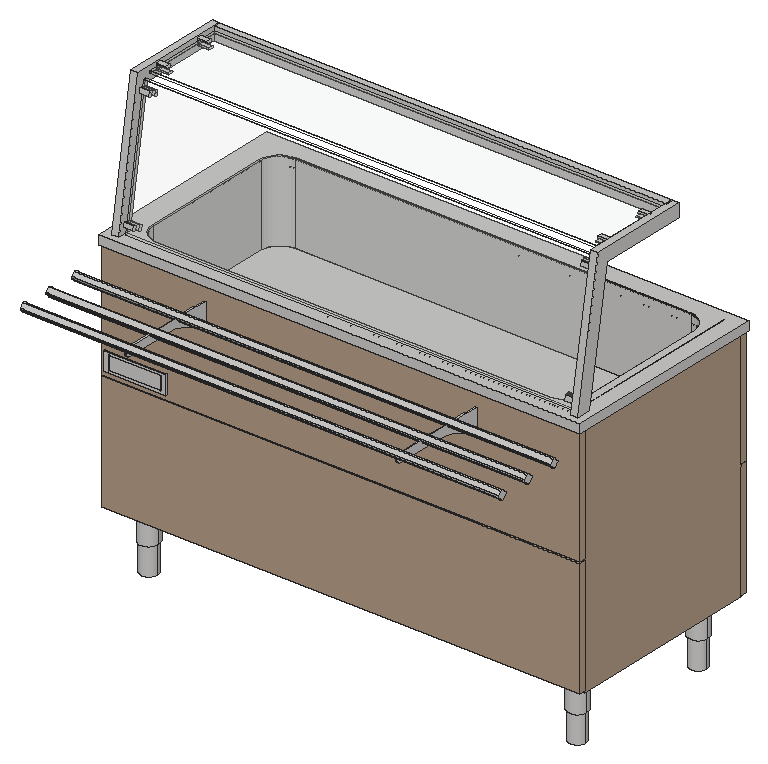
Revit family "QF_ELECTROLUXPROFESSIONAL_322092_F10C4AF01W", category Specialty Equipment, Revit 2018
Family settings
  Round Connector Dimension = Use Diameter
  Part Type = Normal
  Work Plane-Based = No
  Always vertical = Yes
  Cut with Voids When Loaded = No
  Shared = No
  Room Calculation Point = No
Parameters (values of type "Standard")
  Weight = 156.50 kg
  Watts = 0 W
  Volts = 220 V
  URL Manufacturer = "http://professional.electrolux.com"
  URL = "http://professional.electrolux.com"
  Steam Supply Size = 0 mm
  Steam Supply Minimum Pressure = 0.0 Pa
  Steam Supply Maximum Pressure = 0.0 Pa
  Steam Pounds per Hour = 0
  Show Clearance [instance] = yes
  Refrigeration Suction Line Size = 0 mm
  Refrigeration Liquid Line Size = 0 mm
  Refrigerant Compressor Remote = yes
  Manufacturer = "Electrolux Professional"
  Phase = 1
  Model = "F10C4AF01W"
  Length Actual = 1420 mm  # constant formula
  Item Number = "322092"
  Hot Water Size = 0 mm
  Height Actual = 1304 mm  # constant formula
  HP = "0 HP"
  Gas Size = 0 mm
  Gas KW = 0
  Gas Input Pressure = 0 W
  Direct Waste Size = 19.05 mm
  Description = "REFRIGERATED WELL, STATIC, 4GN H=900MM OVERSHELF W/LED LIGHTS"
  Depth Actual = 915 mm  # constant formula
  Cycle = 50 Hz
  Condensate Return Size = 0 mm
  Compressed Air Volume = 0.0 L/s
  Compressed Air Size = 0 mm
  Compressed Air Pressure = 0.0 Pa
  Cold Water Size = 0 mm
  Accessory = yes
Types (2, lengths in mm): name | URL | Manufacturer | Phase | Model | Description
  (no name) | 0 | 0 | 0 | 0 | 0
  Standard | "http://professional.electrolux.com" | "Electrolux Professional" | 1 | "F10C4AF01W" | "REFRIGERATED WELL, STATIC, 4GN H=900MM OVERSHELF W/LED LIGHTS"
Values of the unnamed type that differ from the named types
  Volts = 0 V
  URL Manufacturer = ""
  Item Number = ""
  Cycle = 0 Hz
Reference planes
  plane 1 "Centro (Fronte/Retro)": y = 74.737
  plane 2: z = 0
  plane 3 "BACK": y = 384.737
  plane 4 "FRONT": y = -235.263
  plane 5: z = 900
  plane 6 "RIGHT": x = 195.731
  plane 7 "LEFT": x = -1224.269
  plane 8: x = -514.269
  plane 9: y = 664.737
  plane 10: y = -530.02
  plane 11: z = 178
  plane 12: z = 1304
  plane 13: z = 1222
  plane 14: y = 297.737
  plane 15: y = -148.263
  plane 16: x = -1146.269
  plane 17: x = 117.731
  plane 18: x = -1220.269
  plane 19: y = -231.263
  plane 20: x = 191.731
  plane 21: y = 380.737
  plane 22: z = 874
  plane 23: y = 362.737
  plane 24: y = -213.263
  plane 25: z = 182
  plane 26: z = 527
  plane 27: z = 531
  plane 28: x = -112.269
  plane 29: x = -916.269
  plane 30: x = -1202.269
  plane 31: x = 173.731
  plane 32: x = 153.731
  plane 33: x = -1182.269
  plane 34: x = -1174.269
  plane 35: x = 145.731
  plane 36: y = 130.237
  plane 37: y = 19.237
  plane 38: y = 33.237
  plane 39: y = 116.237
  plane 40: x = -1112.269
  plane 41: x = 90.731
Forms (mm)
  Extrusion 1, solid, material "QF_Finishes_Wood"
    sketch origin (0, 0, 0) x (1, 0, 0) y (0, 1, 0)
      loop
        line (-1220.269, 362.737) -> (-1220.269, -213.263) -> (191.731, -213.263) -> (191.731, 362.737) -> (-1220.269, 362.737)
    from 178 to 874
  Extrusion 2, solid, material "QF_Finishes_Wood"
    sketch origin (191.731, 362.737, 0) x (0, -1, 0) y (0, 0, -1)
      loop
        line (576, -182) -> (576, -527) -> (594, -527) -> (594, -182) -> (576, -182)
      loop
        line (576, -531) -> (576, -874) -> (594, -874) -> (594, -531) -> (576, -531)
    from 0 to -1412
  Extrusion 3, solid, material "QF_Finishes_Wood"
    sketch origin (191.731, -213.263, 0) x (0, 1, 0) y (0, 0, 1)
      loop
        line (576, 531) -> (594, 531) -> (594, 874) -> (576, 874) -> (576, 531)
    from 0 to -1412
  Extrusion 4, solid, material "QF_Finishes_Stainless Steel"
    sketch origin (0, 0, 0) x (1, 0, 0) y (0, 1, 0)
      loop
        line (-1224.269, 384.737) -> (-1224.269, -235.263) -> (195.731, -235.263) -> (195.731, 384.737) -> (-1224.269, 384.737)
    from 874 to 900
  Extrusion 5, solid, material "QF_Finishes_Stainless Steel"
    sketch origin (-117.269, 362.737, 0) x (0, -1, 0) y (0, 0, -1)
      loop
        arc (628.84, -832.7) -> (632.082, -833.911) -> (635.519, -834.32) r 14.5
        line (635.519, -834.32) -> (675.715, -834.32) -> (689.858, -820.177) -> (704, -834.32) -> (770.715, -834.32) -> (784.858, -820.177) -> (799, -834.32) -> (865.716, -834.32) -> (879.858, -820.177) -> (887.686, -828.005) -> (887.686, -821.352)
        arc (887.686, -821.352) -> (887.303, -819.435) -> (886.214, -817.81) r 4.999
        line (886.214, -817.81) -> (881.179, -812.776)
        arc (881.179, -812.776) -> (879.559, -811.698) -> (877.651, -811.32) r 5
        line (877.651, -811.32) -> (732.206, -811.32)
        arc (732.206, -811.32) -> (708.662, -809.221) -> (685.86, -802.991) r 133.106
        line (685.86, -802.991) -> (638.285, -785.32) -> (597.679, -770.12) -> (594, -770.12) -> (594, -832.7) -> (628.84, -832.7)
    from 0 to 5
  Extrusion 6, void
    sketch origin (0, 0, 0) x (1, 0, 0) y (0, 1, 0)
      loop
        line (-1156.552, 270.237) -> (-1156.552, -120.763)
        arc (-1156.552, -120.763) -> (-1138.652, -163.896) -> (-1095.519, -181.763) r 61
        line (-1095.519, -181.763) -> (67.355, -181.472)
        arc (67.355, -181.472) -> (110.441, -163.852) -> (128.319, -120.873) r 60.6
        line (128.319, -120.873) -> (128.319, 270.182)
        arc (128.319, 270.182) -> (111.15, 312.672) -> (69.282, 331.306) r 61.161
        line (69.282, 331.306) -> (-1095.519, 331.237)
        arc (-1095.519, 331.237) -> (-1138.652, 313.371) -> (-1156.552, 270.237) r 61
    from 625.28 to 900
  Extrusion 7, solid, material "QF_Finishes_Wood"
    sketch origin (419.731, -213.263, -348) x (0, 1, 0) y (0, 0, 1)
      loop
        line (576, 530) -> (594, 530) -> (594, 875) -> (576, 875) -> (576, 530)
    from -228 to -383
  Extrusion 8, solid, material "QF_Finishes_Wood"
    sketch origin (-234.269, -213.263, -348) x (0, 1, 0) y (0, 0, 1)
      loop
        line (576, 530) -> (594, 530) -> (594, 875) -> (576, 875) -> (576, 530)
    from -831.045 to -986
  Extrusion 9, solid, material "QF_Finishes_Stainless Steel"
    sketch origin (-916.269, 362.737, 0) x (0, -1, 0) y (0, 0, -1)
      loop
        arc (628.84, -832.7) -> (632.082, -833.911) -> (635.519, -834.32) r 14.5
        line (635.519, -834.32) -> (675.715, -834.32) -> (689.858, -820.177) -> (704, -834.32) -> (770.715, -834.32) -> (784.858, -820.177) -> (799, -834.32) -> (865.716, -834.32) -> (879.858, -820.177) -> (887.686, -828.005) -> (887.686, -821.352)
        arc (887.686, -821.352) -> (887.303, -819.435) -> (886.214, -817.81) r 4.999
        line (886.214, -817.81) -> (881.179, -812.776)
        arc (881.179, -812.776) -> (879.559, -811.698) -> (877.651, -811.32) r 5
        line (877.651, -811.32) -> (732.206, -811.32)
        arc (732.206, -811.32) -> (708.662, -809.221) -> (685.86, -802.991) r 133.106
        line (685.86, -802.991) -> (638.285, -785.32) -> (597.679, -770.12) -> (594, -770.12) -> (594, -832.7) -> (628.84, -832.7)
    from 0 to 5
  Extrusion 10, solid, material "QF_Finishes_Stainless Steel"
    sketch origin (191.731, 362.737, 0) x (0, -1, 0) y (0, 0, -1)
      loop
        line (881.983, -846.337) -> (891.875, -836.445)
        arc (891.875, -836.445) -> (892.757, -834.322) -> (891.879, -832.198) r 3
        line (891.879, -832.198) -> (881.979, -822.299)
        arc (881.979, -822.299) -> (879.858, -821.42) -> (877.737, -822.299) r 3
        line (877.737, -822.299) -> (867.837, -832.198)
        arc (867.837, -832.198) -> (866.958, -834.32) -> (867.837, -836.441) r 3
        line (867.837, -836.441) -> (877.737, -846.34)
        arc (877.737, -846.34) -> (879.86, -847.219) -> (881.983, -846.337) r 3
      loop
        line (786.979, -846.34) -> (796.879, -836.441)
        arc (796.879, -836.441) -> (797.757, -834.32) -> (796.879, -832.198) r 3
        line (796.879, -832.198) -> (786.979, -822.299)
        arc (786.979, -822.299) -> (784.858, -821.42) -> (782.737, -822.299) r 3
        line (782.737, -822.299) -> (772.837, -832.198)
        arc (772.837, -832.198) -> (771.958, -834.317) -> (772.833, -836.437) r 3
        line (772.833, -836.437) -> (782.741, -846.345)
        arc (782.741, -846.345) -> (784.861, -847.219) -> (786.979, -846.34) r 3
      loop
        line (691.976, -846.343) -> (701.882, -836.438)
        arc (701.882, -836.438) -> (702.757, -834.318) -> (701.879, -832.198) r 3
        line (701.879, -832.198) -> (691.979, -822.299)
        arc (691.979, -822.299) -> (689.858, -821.42) -> (687.737, -822.299) r 3
        line (687.737, -822.299) -> (677.837, -832.198)
        arc (677.837, -832.198) -> (676.958, -834.32) -> (677.837, -836.441) r 3
        line (677.837, -836.441) -> (687.737, -846.34)
        arc (687.737, -846.34) -> (689.856, -847.219) -> (691.976, -846.343) r 3
    from 0 to -1412
  Extrusion 11, solid, material "QF_Finishes_Stainless Steel"
    sketch origin (191.731, 362.737, 0) x (0, -1, 0) y (0, 0, -1)
      loop
        line (206.477, -1264.379) -> (206.477, -1304) -> (507.108, -1304) -> (578.344, -900) -> (537.727, -900) -> (473.477, -1264.379) -> (206.477, -1264.379)
    from -18 to -38
  Extrusion 12, solid, material "QF_Finishes_Stainless Steel"
    sketch origin (-895.269, 362.737, 0) x (0, -1, 0) y (0, 0, 1)
      loop
        line (206.477, 1264.379) -> (473.477, 1264.379) -> (537.727, 900) -> (578.344, 900) -> (507.108, 1304) -> (206.477, 1304) -> (206.477, 1264.379)
    from 307 to 287
  Extrusion 13, solid, material "QF_Finishes_Glass"
    sketch origin (-133.269, -231.263, 531) x (0, 0, 1) y (-1, 0, 0)
      loop
        line (757.879, -279) -> (765.879, -279) -> (765.879, 1041) -> (757.879, 1041) -> (757.879, -279)
    from -361.5 to -120.204
  Extrusion 14, solid, material "QF_Finishes_Stainless Steel"
    sketch origin (0, 0, 0) x (1, 0, 0) y (0, 1, 0)
      loop
        line (-1182.269, 156.26) -> (-1182.269, 136.26) -> (153.731, 136.26) -> (153.731, 156.26) -> (-1182.269, 156.26)
    from 1264.379 to 1304
  Extrusion 15, solid, material "QF_Finishes_Glass"
    sketch origin (-133.269, 362.737, 0) x (0, -1, 0) y (0, 0, -1)
      loop
        line (494.569, -1282.974) -> (562.097, -900) -> (553.974, -900) -> (486.445, -1282.974) -> (494.569, -1282.974)
    from 279 to -1041
  Extrusion 16, solid, material "QF_Finishes_Wood"
    sketch origin (314.688, -213.263, -348) x (0, 1, 0) y (0, 0, 1)
      loop
        line (576, 530) -> (594, 530) -> (594, 875) -> (576, 875) -> (576, 530)
    from -277.956 to -828.956
  Extrusion 17, solid, material "QF_Finishes_Stainless Steel"
    sketch origin (-308.144, -64.263, 531) x (0, 0, 1) y (-1, 0, 0)
      loop
        line (765.879, 841.5) -> (770.879, 843.5) -> (770.879, 874.125) -> (750.879, 874.125) -> (750.879, 866) -> (751.974, 866) -> (751.974, 835.938) -> (755.879, 837.5) -> (755.879, 867) -> (765.879, 867) -> (765.879, 841.5)
    from 0 to 14
  Extrusion 18, solid, material "QF_Finishes_Stainless Steel"
    sketch origin (-308.144, 85.737, 531) x (0, 0, 1) y (-1, 0, 0)
      loop
        line (765.879, 841.5) -> (770.879, 843.5) -> (770.879, 874.125) -> (750.879, 874.125) -> (750.879, 866) -> (751.974, 866) -> (751.974, 835.938) -> (755.879, 837.5) -> (755.879, 867) -> (765.879, 867) -> (765.879, 841.5)
    from 0 to 14
  Extrusion 19, solid, material "QF_Finishes_Stainless Steel"
    sketch origin (-720.394, -64.263, 531) x (0, 0, 1) y (-1, 0, 0)
      loop
        line (765.879, -841.5) -> (765.879, -867) -> (755.879, -867) -> (755.879, -837.5) -> (751.974, -835.938) -> (751.974, -866) -> (750.879, -866) -> (750.879, -874.125) -> (770.879, -874.125) -> (770.879, -843.5) -> (765.879, -841.5)
    from 0 to 14
  Extrusion 20, solid, material "QF_Finishes_Stainless Steel"
    sketch origin (-720.394, 85.737, 531) x (0, 0, 1) y (-1, 0, 0)
      loop
        line (765.879, -841.5) -> (765.879, -867) -> (755.879, -867) -> (755.879, -837.5) -> (751.974, -835.938) -> (751.974, -866) -> (750.879, -866) -> (750.879, -874.125) -> (770.879, -874.125) -> (770.879, -843.5) -> (765.879, -841.5)
    from 0 to 14
  Extrusion 21, solid, material "QF_Finishes_Stainless Steel"
    sketch origin (-720.394, 619.458, 1129.907) x (0, -0.984808, 0.173648) y (-1, 0, 0)
      loop
        line (765.879, -841.5) -> (765.879, -867) -> (755.879, -867) -> (755.879, -837.5) -> (751.974, -835.938) -> (751.974, -866) -> (750.879, -866) -> (750.879, -874.125) -> (770.879, -874.125) -> (770.879, -843.5) -> (765.879, -841.5)
    from 0 to 14
  Extrusion 22, solid, material "QF_Finishes_Stainless Steel"
    sketch origin (-308.144, 619.458, 1129.907) x (0, -0.984808, 0.173648) y (-1, 0, 0)
      loop
        line (765.879, 841.5) -> (770.879, 843.5) -> (770.879, 874.125) -> (750.879, 874.125) -> (750.879, 866) -> (751.974, 866) -> (751.974, 835.938) -> (755.879, 837.5) -> (755.879, 867) -> (765.879, 867) -> (765.879, 841.5)
    from 0 to 14
  Extrusion 23, solid, material "QF_Finishes_Stainless Steel"
    sketch origin (-720.394, 562.154, 799.389) x (0, -0.984808, 0.173648) y (-1, 0, 0)
      loop
        line (765.879, -841.5) -> (765.879, -867) -> (755.879, -867) -> (755.879, -837.5) -> (751.974, -835.938) -> (751.974, -866) -> (750.879, -866) -> (750.879, -874.125) -> (770.879, -874.125) -> (770.879, -843.5) -> (765.879, -841.5)
    from 0 to 14
  Extrusion 24, solid, material "QF_Finishes_Stainless Steel"
    sketch origin (-308.144, 562.154, 799.389) x (0, -0.984808, 0.173648) y (-1, 0, 0)
      loop
        line (765.879, 841.5) -> (770.879, 843.5) -> (770.879, 874.125) -> (750.879, 874.125) -> (750.879, 866) -> (751.974, 866) -> (751.974, 835.938) -> (755.879, 837.5) -> (755.879, 867) -> (765.879, 867) -> (765.879, 841.5)
    from 0 to 14
  Extrusion 25, solid, material "QF_Finishes_Wood"
    sketch origin (-236.312, -213.263, -348) x (0, 1, 0) y (0, 0, 1)
      loop
        line (576, 530) -> (594, 530) -> (594, 875) -> (576, 875) -> (576, 530)
    from -277.956 to -828.956
  Extrusion 26, solid, material "QF_Door-Drawer Clearances", visible <- "Show Clearance"
    sketch origin (-1028.537, -4, 0) x (-1, 0, 0) y (0, -1, 0)
      loop
        arc (-514.269, -384.737) -> (-496.592, -527.741) -> (-441.747, -660.987) r 540.292
        line (-441.747, -660.987) -> (36.731, -384.737) -> (-514.269, -384.737)
    from 182 to 527
  Extrusion 27, solid, material "QF_Finishes_Stainless Steel"
    sketch origin (-1353.537, 0, 0) x (-1, 0, 0) y (0, -1, 0)
      loop
        circle (-196.269, -124.737) r 10
    from 178 to 166
  Extrusion 28, solid, material "QF_Door-Drawer Clearances", visible <- "Show Clearance"
    sketch origin (0, -4, 0) x (1, 0, 0) y (0, 1, 0)
      loop
        line (-514.269, 384.737) -> (36.731, 384.737) -> (-441.747, 660.987)
        arc (-441.747, 660.987) -> (-496.592, 527.741) -> (-514.269, 384.737) r 540.292
    from 182 to 527
  Extrusion 29, solid, material "QF_Finishes_Stainless Steel"
    sketch origin (-1353.537, 149.474, 0) x (-1, 0, 0) y (0, -1, 0)
      loop
        circle (-196.269, 124.737) r 10
    from 178 to 166
Cuts and joins
  Extrusion 6 cuts Extrusion 1
  Extrusion 6 cuts Extrusion 4
Lines and regions (mm)
  symbolic lines
    curve 1: line (195.731, 384.737, 0) -> (195.731, -235.263, 0)
    curve 2: line (-1224.269, -235.263, 0) -> (-1224.269, 384.737, 0)
    curve 3: line (-1224.269, 384.737, 0) -> (195.731, 384.737, 0)
    curve 4: line (-1224.269, -235.263, 0) -> (195.731, -235.263, 0)
    curve 5: line (145.731, -64.263, 0) -> (145.731, 71.737, 0)
    curve 6: line (-1174.269, 71.737, 0) -> (-1174.269, -64.263, 0)
    curve 7: line (-1202.269, 156.26, 0) -> (173.731, 156.26, 0)
    curve 8: line (173.731, 156.26, 0) -> (173.731, -215.607, 0)
    curve 9: line (173.731, -215.607, 0) -> (153.731, -215.607, 0)
    curve 10: line (153.731, -215.607, 0) -> (153.731, 156.26, 0)
    curve 11: line (153.731, 136.26, 0) -> (-1182.269, 136.26, 0)
    curve 12: line (-1182.269, 156.26, 0) -> (-1182.269, -215.607, 0)
    curve 13: line (-1182.269, -215.607, 0) -> (-1202.269, -215.607, 0)
    curve 14: line (-1202.269, -215.607, 0) -> (-1202.269, 156.26, 0)
    curve 15: line (-1202.269, -144.371, 0) -> (-1182.269, -144.371, 0)
    curve 16: line (153.731, -144.371, 0) -> (173.731, -144.371, 0)
    curve 17: line (-1174.269, 130.237, 0) -> (-1174.269, 85.737, 0)
    curve 18: line (-1174.269, 130.237, 0) -> (145.731, 130.237, 0)
    curve 19: line (145.731, 130.237, 0) -> (145.731, 85.737, 0)
    curve 20: line (145.731, -78.263, 0) -> (145.731, -111.059, 0)
    curve 21: line (153.731, 85.737, 0) -> (121.231, 85.737, 0)
    curve 22: line (121.231, 85.737, 0) -> (121.231, 71.737, 0)
    curve 23: line (121.231, 71.737, 0) -> (153.731, 71.737, 0)
    curve 24: line (153.731, -64.263, 0) -> (121.231, -64.263, 0)
    curve 25: line (121.231, -64.263, 0) -> (121.231, -78.263, 0)
    curve 26: line (121.231, -78.263, 0) -> (153.731, -78.263, 0)
    curve 27: line (-1182.269, -64.263, 0) -> (-1149.769, -64.263, 0)
    curve 28: line (-1149.769, -64.263, 0) -> (-1149.769, -78.263, 0)
    curve 29: line (-1149.769, -78.263, 0) -> (-1182.269, -78.263, 0)
    curve 30: line (-1182.269, 85.737, 0) -> (-1149.769, 85.737, 0)
    curve 31: line (-1149.769, 85.737, 0) -> (-1149.769, 71.737, 0)
    curve 32: line (-1149.769, 71.737, 0) -> (-1182.269, 71.737, 0)
    curve 33: line (-1182.269, -142.14, 0) -> (-1151.769, -142.14, 0)
    curve 34: line (-1151.769, -142.14, 0) -> (-1151.769, -139.709, 0)
    curve 35: line (-1151.769, -139.709, 0) -> (-1182.269, -139.709, 0)
    curve 36: line (-1151.769, -142.14, 0) -> (-1149.769, -137.216, 0)
    curve 37: line (-1175.269, -134.785, 0) -> (-1149.769, -134.785, 0)
    curve 38: line (-1175.269, -134.785, 0) -> (-1175.269, -124.937, 0)
    curve 39: line (-1175.269, -124.937, 0) -> (-1174.269, -124.937, 0)
    curve 40: line (-1175.269, -127.368, 0) -> (-1174.269, -127.368, 0)
    curve 41: line (-1182.269, -120.013, 0) -> (-1174.269, -120.013, 0)
    curve 42: line (-1174.269, -120.013, 0) -> (-1174.269, -121.091, 0)
    curve 43: line (-1174.269, -121.091, 0) -> (-1144.207, -121.091, 0)
    curve 44: line (-1144.207, -121.091, 0) -> (-1144.207, -123.708, 0)
    curve 45: line (-1144.207, -121.091, 0) -> (-1145.269, -123.708, 0)
    curve 46: line (-1151.769, -139.709, 0) -> (-1149.769, -134.785, 0)
    curve 47: line (-1149.769, -134.785, 0) -> (-1149.769, -137.216, 0)
    curve 48: line (-1174.269, -123.708, 0) -> (-1174.269, -134.785, 0)
    curve 49: line (145.731, -131.831, 0) -> (145.731, -123.708, 0)
    curve 50: line (145.731, -123.708, 0) -> (-1174.269, -123.708, 0)
    curve 51: line (153.731, -142.14, 0) -> (123.231, -142.14, 0)
    curve 52: line (123.231, -142.14, 0) -> (123.231, -139.709, 0)
    curve 53: line (123.231, -139.709, 0) -> (153.731, -139.709, 0)
    curve 54: line (123.231, -142.14, 0) -> (121.231, -137.216, 0)
    curve 55: line (146.731, -134.785, 0) -> (121.231, -134.785, 0)
    curve 56: line (146.731, -134.785, 0) -> (146.731, -124.937, 0)
    curve 57: line (146.731, -124.937, 0) -> (145.731, -124.937, 0)
    curve 58: line (146.731, -127.368, 0) -> (145.731, -127.368, 0)
    curve 59: line (153.731, -120.013, 0) -> (145.731, -120.013, 0)
    curve 60: line (145.731, -120.013, 0) -> (145.731, -121.091, 0)
    curve 61: line (145.731, -121.091, 0) -> (115.669, -121.091, 0)
    curve 62: line (115.669, -121.091, 0) -> (115.669, -123.708, 0)
    curve 63: line (115.669, -121.091, 0) -> (116.732, -123.708, 0)
    curve 64: line (123.231, -139.709, 0) -> (121.231, -134.785, 0)
    curve 65: line (121.231, -134.785, 0) -> (121.231, -137.216, 0)
    curve 66: line (145.731, -123.708, 0) -> (145.731, -134.785, 0)
    curve 67: line (-1174.269, -142.14, 0) -> (-1174.269, -192.089, 0)
    curve 68: line (-1174.269, -177.317, 0) -> (-1182.269, -177.317, 0)
    curve 69: line (-1174.269, -182.241, 0) -> (-1175.269, -182.241, 0)
    curve 70: line (-1175.269, -184.672, 0) -> (-1174.269, -184.672, 0)
    curve 71: line (-1175.269, -182.241, 0) -> (-1175.269, -192.089, 0)
    curve 72: line (-1175.269, -192.089, 0) -> (-1149.779, -192.089, 0)
    curve 73: line (-1151.769, -197.013, 0) -> (-1149.779, -192.089, 0)
    curve 74: line (-1149.779, -192.089, 0) -> (-1149.779, -194.52, 0)
    curve 75: line (-1151.769, -199.444, 0) -> (-1149.779, -194.52, 0)
    curve 76: line (-1151.769, -197.013, 0) -> (-1151.769, -199.444, 0)
    curve 77: line (-1182.269, -199.444, 0) -> (-1151.769, -199.444, 0)
    curve 78: line (-1151.769, -197.013, 0) -> (-1182.269, -197.013, 0)
    curve 79: line (145.731, -177.317, 0) -> (153.731, -177.317, 0)
    curve 80: line (145.731, -182.241, 0) -> (146.731, -182.241, 0)
    curve 81: line (146.731, -184.672, 0) -> (145.731, -184.672, 0)
    curve 82: line (146.731, -182.241, 0) -> (146.731, -192.089, 0)
    curve 83: line (146.731, -192.089, 0) -> (121.242, -192.089, 0)
    curve 84: line (123.231, -197.013, 0) -> (121.242, -192.089, 0)
    curve 85: line (121.242, -192.089, 0) -> (121.242, -194.52, 0)
    curve 86: line (123.231, -199.444, 0) -> (121.242, -194.52, 0)
    curve 87: line (123.231, -197.013, 0) -> (123.231, -199.444, 0)
    curve 88: line (153.731, -199.444, 0) -> (123.231, -199.444, 0)
    curve 89: line (123.231, -197.013, 0) -> (153.731, -197.013, 0)
    curve 90: line (-1151.735, -199.36, 0) -> (123.197, -199.36, 0)
    curve 91: line (-1174.269, -78.263, 0) -> (-1174.269, -111.059, 0)
    curve 92: line (-1174.269, -111.059, 0) -> (145.731, -111.059, 0)
    curve 93: line (-1174.269, -131.831, 0) -> (145.731, -131.831, 0)
    curve 94: line (145.731, -142.14, 0) -> (145.731, -192.089, 0)
    curve 95: line (-1224.269, -235.263, 0) -> (-1224.269, -530.02, 0)
    curve 96: line (-1224.269, -530.02, 0) -> (195.731, -530.02, 0)
    curve 97: line (195.731, -530.02, 0) -> (195.731, -235.263, 0)
  symbolic lines, style "QF_Door-Drawer Clearances"
    curve 98: line (-586.79, 656.987, 0) -> (-1058.34, 384.737, 0)
    curve 99: arc (-514.24, 384.737, 0) -> (-532.456, 525.674, 0) -> (-586.79, 656.987, 0) r 540.292
    curve 100: arc (-441.747, 656.987, 0) -> (-496.081, 525.674, 0) -> (-514.297, 384.737, 0) r 540.292
    curve 101: line (29.803, 384.737, 0) -> (-441.747, 656.987, 0)
    curve 102: line (-576.79, 639.666, 0) -> (-1018.34, 384.737, 0)
    curve 103: line (-10.197, 384.737, 0) -> (-451.747, 639.666, 0)
  symbolic lines, style "SpecialityEquipmentHiddenLines"
    curve 104: line (69.731, 329.737, 0) -> (-1098.269, 329.737, 0)
    curve 105: arc (-1098.269, 329.737, 0) -> (-1137.867, 313.335, 0) -> (-1154.269, 273.737, 0) r 56
    curve 106: line (-1154.269, 273.737, 0) -> (-1154.269, -124.263, 0)
    curve 107: arc (-1154.269, -124.263, 0) -> (-1137.867, -163.861, 0) -> (-1098.269, -180.263, 0) r 56
    curve 108: line (-1098.269, -180.263, 0) -> (69.731, -180.263, 0)
    curve 109: arc (69.731, -180.263, 0) -> (109.329, -163.861, 0) -> (125.731, -124.263, 0) r 56
    curve 110: line (125.731, -124.263, 0) -> (125.731, 273.737, 0)
    curve 111: arc (125.731, 273.737, 0) -> (109.329, 313.335, 0) -> (69.731, 329.737, 0) r 56
    curve 112: line (-834.269, 329.737, 0) -> (-834.269, -180.263, 0)
    curve 113: line (-514.269, 329.737, 0) -> (-514.269, -180.263, 0)
    curve 114: line (-194.269, 329.737, 0) -> (-194.269, -180.263, 0)
Dimensions and locks
  plane 7 "LEFT" to plane 6 "RIGHT" = 1420 mm
  equal spacing: plane 3 "BACK", plane 1 "Centro (Fronte/Retro)", plane 4 "FRONT"
  plane 3 "BACK" to plane 4 "FRONT" = 620 mm
  equal spacing: plane 7 "LEFT", plane 8, plane 6 "RIGHT"
  locked: plane 9 to plane 3 "BACK" at 280
  locked: plane 4 "FRONT" to plane 10 at 294.757
  locked: plane 11 to plane 2 at 178
  locked: plane 5 to plane 2 at 900
  locked: plane 12 to plane 2 at 1304
  locked: plane 13 to plane 2 at 1222
  locked: plane 3 "BACK" to plane 14 at 87
  locked: plane 7 "LEFT" to plane 16 at 78
  locked: plane 17 to plane 6 "RIGHT" at 78
  locked: plane 15 to plane 4 "FRONT" at 87
  locked: plane 3 "BACK" to plane 21 at 4
  locked: plane 7 "LEFT" to plane 18 at 4
  locked: plane 20 to plane 6 "RIGHT" at 4
  locked: plane 19 to plane 4 "FRONT" at 4
  locked: plane 5 to plane 22 at 26
  locked: plane 24 to plane 19 at 18
  locked: plane 21 to plane 23 at 18
  plane 20 to plane 28 = 304 mm
  plane 29 to plane 18 = 304 mm
  equal spacing: plane 30, plane 8, plane 31
  plane 30 to plane 31 = 1376 mm
  locked: plane 30 to plane 33 at 20
  locked: plane 32 to plane 31 at 20
  equal spacing: plane 34, plane 8, plane 35
  plane 34 to plane 35 = 1320 mm
  equal spacing: plane 36, plane 1 "Centro (Fronte/Retro)", plane 37
  plane 36 to plane 37 = 111 mm
  locked: plane 36 to plane 39 at 14
  locked: plane 38 to plane 37 at 14
  locked: plane 41 to plane 6 "RIGHT" at 105
  locked: plane 7 "LEFT" to plane 40 at 112
  plane 16 to plane 7 "LEFT" = 78 mm
  plane 6 "RIGHT" to plane 17 = 78 mm
  angle Extrusion 25 to Extrusion 26 sketch curve = 30.00°
  aligned and locked: level to plane 2
  aligned and locked: Extrusion 1 sketch curve to plane 23
  aligned and locked: plane 18 to Extrusion 1 sketch curve
  aligned and locked: plane 24 to Extrusion 1 sketch curve
  aligned and locked: Extrusion 1 sketch curve to plane 20
  aligned and locked: Extrusion 1 to plane 22
  aligned and locked: Extrusion 1 to plane 11
  aligned and locked: plane 25 to Extrusion 2 sketch curve
  aligned and locked: Extrusion 2 sketch curve to plane 24  (x2)
  aligned and locked: Extrusion 2 sketch curve to plane 26
  aligned and locked: plane 19 to Extrusion 2 sketch curve  (x2)
  aligned and locked: plane 27 to Extrusion 2 sketch curve
  aligned and locked: Extrusion 2 sketch curve to plane 22
  aligned and locked: Extrusion 2 to plane 18
  aligned and locked: Extrusion 3 to plane 18
  aligned and locked: Extrusion 4 sketch curve to plane 3 "BACK"
  aligned and locked: plane 7 "LEFT" to Extrusion 4 sketch curve
  aligned and locked: plane 4 "FRONT" to Extrusion 4 sketch curve
  aligned and locked: Extrusion 4 sketch curve to plane 6 "RIGHT"
  aligned and locked: Extrusion 4 to plane 22
  aligned and locked: plane 20 to Extrusion 7
  aligned and locked: Extrusion 8 to plane 18
  aligned and locked: Extrusion 7 to plane 25
  aligned and locked: Extrusion 8 to plane 25
  aligned and locked: plane 16 to nested 1
  aligned and locked: plane 17 to nested 2
  aligned and locked: nested 2 to plane 15
  aligned and locked: nested 1 to plane 15
  aligned and locked: nested 3 to plane 14
  aligned and locked: plane 16 to nested 4
  aligned and locked: plane 20 to Extrusion 10
  aligned and locked: Extrusion 10 to plane 18
  aligned and locked: nested 4 to plane 14
  aligned and locked: Extrusion 11 to plane 31
  aligned and locked: Extrusion 11 to plane 32
  aligned and locked: plane 33 to Extrusion 12
  aligned and locked: Extrusion 12 to plane 30
  aligned and locked: Extrusion 14 sketch curve to plane 32
  aligned and locked: plane 33 to Extrusion 14 sketch curve
  aligned and locked: Extrusion 14 to Extrusion 11
  aligned and locked: Extrusion 15 to plane 34
  aligned and locked: plane 35 to Extrusion 15
  aligned and locked: Extrusion 13 sketch curve to plane 35
  aligned and locked: plane 34 to Extrusion 13 sketch curve
  aligned and locked: plane 17 to nested 3
Automatic sketch dimensions
  Extrusion 6 sketch curve to plane 40 = 16.75 mm  (x2)
  plane 41 to Extrusion 6 sketch curve = 23.574 mm
  plane 41 to Extrusion 6 sketch curve = 23.376 mm
  plane 41 to Extrusion 6 sketch curve = 23.013 mm
  plane 41 to Extrusion 6 sketch curve = 21.449 mm
  plane 17 to Extrusion 6 sketch curve = 10.587 mm
  plane 24 to Extrusion 6 sketch curve = 31.5 mm
  plane 24 to Extrusion 6 sketch curve = 31.791 mm
  plane 15 to Extrusion 6 sketch curve = 27.5 mm
  Extrusion 6 sketch curve to plane 14 = 27.555 mm
  Extrusion 6 sketch curve to plane 14 = 27.5 mm
  Extrusion 6 sketch curve to plane 23 = 31.5 mm
  Extrusion 6 sketch curve to Extrusion 6 sketch curve = 0.033 mm
  Extrusion 6 sketch curve to Extrusion 6 sketch curve = 0 mm  (x2)
  Extrusion 12 sketch curve to plane 12 = 0 mm
  Extrusion 12 sketch curve to plane 5 = 0 mm
  plane 36 to Extrusion 12 sketch curve = 26.023 mm
  plane 15 to Extrusion 12 sketch curve = 37.523 mm
  plane 15 to Extrusion 12 sketch curve = 3.892 mm
  Extrusion 12 sketch curve to plane 15 = 26.727 mm
  Extrusion 12 sketch curve to plane 24 = 2.344 mm
  Extrusion 12 sketch curve to plane 12 = 39.621 mm
  Extrusion 13 sketch curve to plane 12 = 15.121 mm
  Extrusion 13 sketch curve to plane 12 = 7.121 mm
  plane 36 to Extrusion 14 sketch curve = 6.023 mm
  Extrusion 14 sketch curve to Extrusion 14 sketch curve = 20 mm
  Extrusion 15 sketch curve to plane 5 = 0 mm
  plane 15 to Extrusion 15 sketch curve = 24.555 mm
  Extrusion 15 sketch curve to Extrusion 15 sketch curve = 8.123 mm  (x2)
  plane 24 to Extrusion 15 sketch curve = 22.026 mm
  Extrusion 15 sketch curve to plane 12 = 21.026 mm
  plane 16 to Extrusion 27 sketch curve = 11 mm
  plane 36 to Extrusion 27 sketch curve = 5.5 mm
  Extrusion 28 sketch curve to plane 8 = 0 mm
  Extrusion 28 sketch curve to plane 21 = 0 mm
  Extrusion 28 sketch curve to plane 9 = 7.75 mm
  plane 8 to Extrusion 28 sketch curve = 72.521 mm
  plane 3 "BACK" to Extrusion 28 sketch curve = 1.815 mm
  Extrusion 28 sketch curve to Extrusion 28 sketch curve = 10.739 mm
  Extrusion 29 sketch curve to plane 16 = 11 mm
  plane 37 to Extrusion 29 sketch curve = 5.5 mm
  curve 95 to plane 4 "FRONT" = 0 mm
  curve 95 to plane 7 "LEFT" = 0 mm
  curve 13 to plane 30 = 0 mm
  curve 41 to plane 33 = 0 mm
  curve 50 to plane 34 = 0 mm
  curve 91 to plane 34 = 0 mm
  curve 18 to plane 34 = 0 mm
  curve 6 to plane 34 = 0 mm
  curve 70 to plane 34 = 0 mm
  curve 98 to plane 3 "BACK" = 0 mm
  curve 113 to plane 8 = 0 mm
  curve 5 to plane 35 = 0 mm
  curve 49 to plane 35 = 0 mm
  curve 20 to plane 35 = 0 mm
  curve 80 to plane 35 = 0 mm
  curve 19 to plane 35 = 0 mm
  curve 59 to plane 32 = 0 mm
  curve 7 to plane 31 = 0 mm
  curve 97 to plane 6 "RIGHT" = 0 mm
  curve 96 to plane 10 = 0 mm
  plane 36 to curve 18 = 0 mm
  curve 37 to curve 48 = 1 mm
  curve 71 to plane 34 = 1 mm
  curve 43 to plane 34 = 0 mm
  curve 106 to plane 16 = 8 mm
  curve 46 to plane 16 = 5.5 mm
  curve 75 to plane 16 = 5.5 mm
  curve 73 to curve 75 = 1.989 mm
  curve 47 to plane 16 = 3.5 mm
  curve 29 to plane 16 = 3.5 mm
  curve 32 to plane 16 = 3.5 mm
  plane 16 to curve 45 = 2.062 mm
  curve 108 to plane 40 = 14 mm
  curve 104 to plane 40 = 14 mm
  plane 3 "BACK" to curve 99 = 1.815 mm
  curve 99 to plane 40 = 57.739 mm
  curve 98 to plane 9 = 7.75 mm
  curve 98 to plane 8 = 72.521 mm
  curve 101 to plane 9 = 7.75 mm
  plane 8 to curve 101 = 72.521 mm
  plane 3 "BACK" to curve 100 = 1.815 mm
  plane 41 to curve 100 = 64.739 mm
  plane 41 to curve 108 = 21 mm
  plane 41 to curve 111 = 21 mm
  curve 61 to plane 17 = 2.062 mm
  plane 17 to curve 22 = 3.5 mm
  plane 17 to curve 24 = 3.5 mm
  plane 17 to curve 65 = 3.5 mm
  plane 17 to curve 85 = 3.511 mm
  curve 54 to curve 53 = 2 mm
  curve 85 to curve 89 = 1.989 mm
  plane 17 to curve 110 = 8 mm
  plane 35 to curve 60 = 0 mm
  plane 35 to curve 55 = 1 mm
  curve 80 to curve 80 = 1 mm
  curve 12 to plane 24 = 2.344 mm
  curve 10 to plane 24 = 2.344 mm
  plane 24 to curve 77 = 13.819 mm
  plane 24 to curve 88 = 13.819 mm
  curve 86 to curve 87 = 2.431 mm
  curve 75 to curve 73 = 2.431 mm
  curve 73 to curve 75 = 2.493 mm
  curve 84 to curve 86 = 2.493 mm
  curve 74 to curve 73 = 2.431 mm
  curve 89 to curve 82 = 4.924 mm
  curve 82 to curve 82 = 9.848 mm
  curve 71 to curve 69 = 9.848 mm
  curve 108 to plane 15 = 32 mm
  plane 15 to curve 54 = 6.122 mm
  plane 15 to curve 34 = 6.122 mm
  curve 51 to curve 52 = 2.431 mm
  curve 33 to curve 46 = 2.431 mm
  curve 52 to curve 65 = 2.493 mm
  curve 34 to curve 47 = 2.493 mm
  curve 54 to curve 64 = 2.431 mm
  curve 36 to curve 46 = 2.431 mm
  curve 66 to curve 49 = 2.954 mm
  curve 93 to curve 39 = 6.894 mm
  curve 49 to curve 57 = 6.894 mm
  curve 57 to curve 66 = 1.229 mm
  curve 44 to curve 45 = 2.617 mm
  curve 62 to curve 62 = 2.617 mm
  curve 42 to curve 42 = 1.078 mm
  curve 60 to curve 59 = 1.078 mm
  curve 59 to curve 92 = 8.954 mm
  curve 91 to curve 29 = 32.796 mm
  curve 20 to curve 25 = 32.796 mm
  curve 28 to curve 27 = 14 mm
  curve 25 to curve 25 = 14 mm
  plane 1 "Centro (Fronte/Retro)" to curve 31 = 3 mm
  plane 1 "Centro (Fronte/Retro)" to curve 23 = 3 mm
  curve 21 to plane 1 "Centro (Fronte/Retro)" = 11 mm
  curve 31 to plane 1 "Centro (Fronte/Retro)" = 11 mm
  plane 36 to curve 14 = 26.023 mm
  curve 105 to plane 14 = 24 mm
  curve 75 to curve 90 = 0.034 mm
  plane 16 to curve 45 = 0.999 mm
  curve 98 to curve 99 = 3.811 mm
  curve 99 to curve 102 = 36.189 mm
  plane 29 to curve 112 = 82 mm
  curve 102 to plane 9 = 25.071 mm
  curve 99 to curve 102 = 10 mm
  curve 103 to plane 9 = 25.071 mm
  curve 103 to curve 100 = 10 mm
  curve 114 to plane 28 = 82 mm
  curve 103 to curve 100 = 36.189 mm
  curve 100 to curve 101 = 3.811 mm
  curve 63 to plane 17 = 0.999 mm
  curve 81 to curve 80 = 2.431 mm
  curve 70 to curve 69 = 2.431 mm
  curve 80 to curve 79 = 4.924 mm
  curve 69 to curve 68 = 4.924 mm
  curve 16 to curve 51 = 2.23 mm
  plane 15 to curve 15 = 3.892 mm
  curve 58 to curve 57 = 2.431 mm
  curve 40 to curve 39 = 2.431 mm
  plane 36 to curve 11 = 6.023 mm
  Extrusion 1 to Extrusion 3 sketch curve = 0 mm
  Extrusion 3 sketch curve to Extrusion 1 = 0 mm
  Extrusion 3 sketch curve to Extrusion 3 sketch curve = 18 mm
  Extrusion 3 sketch curve to Extrusion 3 sketch curve = 343 mm
  Extrusion 5 sketch curve to plane 19 = 0 mm
  plane 4 "FRONT" to Extrusion 5 sketch curve = 0.321 mm
  Extrusion 5 sketch curve to plane 4 "FRONT" = 30.84 mm
  Extrusion 5 sketch curve to Extrusion 5 sketch curve = 6.66 mm
  Extrusion 5 sketch curve to Extrusion 5 sketch curve = 6.678 mm
  Extrusion 5 sketch curve to Extrusion 5 sketch curve = 2.785 mm
  Extrusion 5 sketch curve to Extrusion 5 sketch curve = 40.197 mm
  Extrusion 5 sketch curve to Extrusion 5 sketch curve = 10.145 mm
  Extrusion 5 sketch curve to Extrusion 5 sketch curve = 3.998 mm
  Extrusion 5 sketch curve to plane 22 = 39.68 mm  (x3)
  Extrusion 5 sketch curve to Extrusion 5 sketch curve = 14.142 mm  (x3)
  Extrusion 5 sketch curve to Extrusion 5 sketch curve = 28.206 mm
  Extrusion 5 sketch curve to Extrusion 5 sketch curve = 38.51 mm
  Extrusion 5 sketch curve to Extrusion 5 sketch curve = 14.143 mm
  plane 10 to Extrusion 5 sketch curve = 27.042 mm
  plane 10 to Extrusion 5 sketch curve = 15.107 mm
  Extrusion 5 sketch curve to Extrusion 5 sketch curve = 2.207 mm
  Extrusion 5 sketch curve to Extrusion 5 sketch curve = 3.528 mm  (x2)
  Extrusion 5 sketch curve to Extrusion 5 sketch curve = 2.829 mm
  plane 10 to Extrusion 5 sketch curve = 5.072 mm
  Extrusion 5 sketch curve to Extrusion 5 sketch curve = 1.62 mm
  Extrusion 5 sketch curve to Extrusion 5 sketch curve = 6.314 mm
  Extrusion 5 sketch curve to Extrusion 5 sketch curve = 6.653 mm
  Extrusion 5 sketch curve to Extrusion 5 sketch curve = 1.175 mm
  Extrusion 5 sketch curve to Extrusion 5 sketch curve = 3.858 mm
  Extrusion 5 sketch curve to Extrusion 5 sketch curve = 3.543 mm
  Extrusion 5 sketch curve to Extrusion 5 sketch curve = 23 mm
  Extrusion 5 sketch curve to Extrusion 5 sketch curve = 17.187 mm
  Extrusion 5 sketch curve to Extrusion 5 sketch curve = 34.499 mm
  Extrusion 5 sketch curve to Extrusion 5 sketch curve = 15.2 mm
  Extrusion 5 sketch curve to Extrusion 5 sketch curve = 0 mm
  Extrusion 7 sketch curve to plane 23 = 0 mm
  Extrusion 7 sketch curve to plane 21 = 0 mm
  Extrusion 7 sketch curve to plane 25 = 0 mm
  Extrusion 7 sketch curve to plane 26 = 0 mm
  Extrusion 8 sketch curve to plane 23 = 0 mm
  Extrusion 8 sketch curve to plane 21 = 0 mm
  Extrusion 8 sketch curve to plane 25 = 0 mm
  Extrusion 8 sketch curve to plane 26 = 0 mm
  Extrusion 9 sketch curve to plane 19 = 0 mm
  plane 4 "FRONT" to Extrusion 9 sketch curve = 0.321 mm
  Extrusion 9 sketch curve to plane 4 "FRONT" = 30.84 mm
  Extrusion 9 sketch curve to Extrusion 9 sketch curve = 6.66 mm
  Extrusion 9 sketch curve to Extrusion 9 sketch curve = 6.678 mm
  Extrusion 9 sketch curve to Extrusion 9 sketch curve = 2.785 mm
  Extrusion 9 sketch curve to Extrusion 9 sketch curve = 40.197 mm
  Extrusion 9 sketch curve to Extrusion 9 sketch curve = 10.145 mm
  Extrusion 9 sketch curve to Extrusion 9 sketch curve = 3.998 mm
  Extrusion 9 sketch curve to plane 22 = 39.68 mm  (x3)
  Extrusion 9 sketch curve to Extrusion 9 sketch curve = 14.142 mm  (x3)
  Extrusion 9 sketch curve to Extrusion 9 sketch curve = 28.206 mm
  Extrusion 9 sketch curve to Extrusion 9 sketch curve = 38.51 mm
  Extrusion 9 sketch curve to Extrusion 9 sketch curve = 14.143 mm
  plane 10 to Extrusion 9 sketch curve = 27.042 mm
  plane 10 to Extrusion 9 sketch curve = 15.107 mm
  Extrusion 9 sketch curve to Extrusion 9 sketch curve = 2.207 mm
  Extrusion 9 sketch curve to Extrusion 9 sketch curve = 3.528 mm  (x2)
  Extrusion 9 sketch curve to Extrusion 9 sketch curve = 2.829 mm
  plane 10 to Extrusion 9 sketch curve = 5.072 mm
  Extrusion 9 sketch curve to Extrusion 9 sketch curve = 1.62 mm
  Extrusion 9 sketch curve to Extrusion 9 sketch curve = 6.314 mm
  Extrusion 9 sketch curve to Extrusion 9 sketch curve = 6.653 mm
  Extrusion 9 sketch curve to Extrusion 9 sketch curve = 1.175 mm
  Extrusion 9 sketch curve to Extrusion 9 sketch curve = 3.858 mm
  Extrusion 9 sketch curve to Extrusion 9 sketch curve = 3.543 mm
  Extrusion 9 sketch curve to Extrusion 9 sketch curve = 23 mm
  Extrusion 9 sketch curve to Extrusion 9 sketch curve = 17.187 mm
  Extrusion 9 sketch curve to Extrusion 9 sketch curve = 34.499 mm
  Extrusion 9 sketch curve to Extrusion 9 sketch curve = 15.2 mm
  Extrusion 9 sketch curve to Extrusion 9 sketch curve = 0 mm
  Extrusion 1 to Extrusion 10 sketch curve = 39.68 mm
  Extrusion 10 sketch curve to Extrusion 1 = 103.958 mm
  Extrusion 10 sketch curve to Extrusion 10 sketch curve = 9.899 mm  (x7)
  Extrusion 1 to Extrusion 10 sketch curve = 27.657 mm
  Extrusion 10 sketch curve to Extrusion 10 sketch curve = 2.118 mm  (x3)
  Extrusion 1 to Extrusion 10 sketch curve = 37.562 mm
  Extrusion 10 sketch curve to Extrusion 10 sketch curve = 2.124 mm  (x2)
  Extrusion 1 to Extrusion 10 sketch curve = 37.563 mm
  Extrusion 10 sketch curve to Extrusion 10 sketch curve = 70.951 mm
  Extrusion 1 to Extrusion 10 sketch curve = 41.802 mm  (x6)
  Extrusion 10 sketch curve to Extrusion 10 sketch curve = 0.004 mm
  Extrusion 10 sketch curve to Extrusion 10 sketch curve = 2.126 mm
  Extrusion 1 to Extrusion 10 sketch curve = 27.655 mm
  Extrusion 10 sketch curve to Extrusion 10 sketch curve = 9.908 mm
  Extrusion 10 sketch curve to Extrusion 10 sketch curve = 2.117 mm
  Extrusion 10 sketch curve to Extrusion 10 sketch curve = 9.9 mm  (x3)
  Extrusion 1 to Extrusion 10 sketch curve = 27.66 mm  (x3)
  Extrusion 10 sketch curve to Extrusion 10 sketch curve = 2.121 mm  (x16)
  Extrusion 1 to Extrusion 10 sketch curve = 37.559 mm  (x3)
  Extrusion 10 sketch curve to Extrusion 10 sketch curve = 70.958 mm
  Extrusion 10 sketch curve to Extrusion 10 sketch curve = 0 mm  (x12)
  Extrusion 1 to Extrusion 10 sketch curve = 51.701 mm  (x6)
  Extrusion 1 to Extrusion 10 sketch curve = 27.663 mm
  Extrusion 10 sketch curve to Extrusion 10 sketch curve = 2.125 mm
  Extrusion 1 to Extrusion 10 sketch curve = 37.555 mm
  Extrusion 1 to Extrusion 11 sketch curve = 206.477 mm
  Extrusion 1 to Extrusion 11 sketch curve = 102.523 mm
  Extrusion 11 sketch curve to Extrusion 11 sketch curve = 33.631 mm
  Extrusion 1 to Extrusion 11 sketch curve = 38.273 mm
  Extrusion 11 sketch curve to Extrusion 1 = 2.344 mm
  Extrusion 11 sketch curve to Extrusion 1 = 430 mm
  Extrusion 11 sketch curve to Extrusion 11 sketch curve = 39.621 mm
  Extrusion 11 sketch curve to Extrusion 1 = 26 mm
  Extrusion 16 sketch curve to plane 23 = 0 mm
  Extrusion 16 sketch curve to plane 21 = 0 mm
  Extrusion 16 sketch curve to plane 25 = 0 mm
  Extrusion 16 sketch curve to plane 26 = 0 mm
  Extrusion 17 sketch curve to plane 33 = 0 mm
  plane 34 to Extrusion 17 sketch curve = 0.125 mm
  Extrusion 17 sketch curve to plane 12 = 22.121 mm
  Extrusion 17 sketch curve to Extrusion 17 sketch curve = 1.095 mm
  plane 16 to Extrusion 17 sketch curve = 0.625 mm
  Extrusion 17 sketch curve to Extrusion 17 sketch curve = 3.905 mm
  Extrusion 17 sketch curve to plane 34 = 0.875 mm
  Extrusion 17 sketch curve to plane 12 = 7.121 mm
  Extrusion 17 sketch curve to plane 12 = 2.121 mm
  plane 16 to Extrusion 17 sketch curve = 2.187 mm
  Extrusion 17 sketch curve to plane 16 = 3.375 mm
  Extrusion 17 sketch curve to plane 16 = 5.375 mm
  Extrusion 18 sketch curve to plane 33 = 0 mm
  plane 34 to Extrusion 18 sketch curve = 0.125 mm
  Extrusion 18 sketch curve to plane 12 = 22.121 mm
  Extrusion 18 sketch curve to Extrusion 18 sketch curve = 1.095 mm
  plane 16 to Extrusion 18 sketch curve = 0.625 mm
  Extrusion 18 sketch curve to Extrusion 18 sketch curve = 3.905 mm
  Extrusion 18 sketch curve to plane 34 = 0.875 mm
  Extrusion 18 sketch curve to plane 12 = 7.121 mm
  Extrusion 18 sketch curve to plane 12 = 2.121 mm
  plane 16 to Extrusion 18 sketch curve = 2.187 mm
  Extrusion 18 sketch curve to plane 16 = 3.375 mm
  Extrusion 18 sketch curve to plane 16 = 5.375 mm
  Extrusion 19 sketch curve to plane 32 = 0 mm
  Extrusion 19 sketch curve to plane 35 = 0.125 mm
  Extrusion 19 sketch curve to plane 12 = 22.121 mm
  Extrusion 19 sketch curve to Extrusion 19 sketch curve = 1.095 mm
  Extrusion 19 sketch curve to plane 17 = 0.625 mm
  Extrusion 19 sketch curve to Extrusion 19 sketch curve = 3.905 mm
  plane 35 to Extrusion 19 sketch curve = 0.875 mm
  Extrusion 19 sketch curve to plane 12 = 7.121 mm
  Extrusion 19 sketch curve to plane 12 = 2.121 mm
  plane 17 to Extrusion 19 sketch curve = 5.375 mm
  plane 17 to Extrusion 19 sketch curve = 3.375 mm
  Extrusion 19 sketch curve to plane 17 = 2.187 mm
  Extrusion 20 sketch curve to plane 32 = 0 mm
  Extrusion 20 sketch curve to plane 35 = 0.125 mm
  Extrusion 20 sketch curve to plane 12 = 22.121 mm
  Extrusion 20 sketch curve to Extrusion 20 sketch curve = 1.095 mm
  Extrusion 20 sketch curve to plane 17 = 0.625 mm
  Extrusion 20 sketch curve to Extrusion 20 sketch curve = 3.905 mm
  plane 35 to Extrusion 20 sketch curve = 0.875 mm
  Extrusion 20 sketch curve to plane 12 = 7.121 mm
  Extrusion 20 sketch curve to plane 12 = 2.121 mm
  plane 17 to Extrusion 20 sketch curve = 5.375 mm
  plane 17 to Extrusion 20 sketch curve = 3.375 mm
  Extrusion 20 sketch curve to plane 17 = 2.187 mm
  Extrusion 21 sketch curve to plane 35 = 0.125 mm
  Extrusion 21 sketch curve to Extrusion 21 sketch curve = 1.095 mm
  Extrusion 21 sketch curve to plane 17 = 0.625 mm
  Extrusion 21 sketch curve to Extrusion 21 sketch curve = 3.905 mm
  plane 35 to Extrusion 21 sketch curve = 0.875 mm
  Extrusion 21 sketch curve to Extrusion 21 sketch curve = 10 mm
  Extrusion 21 sketch curve to Extrusion 21 sketch curve = 5 mm
  plane 32 to Extrusion 21 sketch curve = 0 mm
  plane 17 to Extrusion 21 sketch curve = 5.375 mm
  plane 17 to Extrusion 21 sketch curve = 3.375 mm
  Extrusion 21 sketch curve to plane 17 = 2.187 mm
  plane 34 to Extrusion 22 sketch curve = 0.125 mm
  Extrusion 22 sketch curve to Extrusion 22 sketch curve = 1.095 mm
  plane 16 to Extrusion 22 sketch curve = 0.625 mm
  Extrusion 22 sketch curve to Extrusion 22 sketch curve = 3.905 mm
  Extrusion 22 sketch curve to plane 34 = 0.875 mm
  Extrusion 22 sketch curve to Extrusion 22 sketch curve = 10 mm
  Extrusion 22 sketch curve to Extrusion 22 sketch curve = 5 mm
  plane 16 to Extrusion 22 sketch curve = 2.187 mm
  Extrusion 22 sketch curve to plane 16 = 3.375 mm
  Extrusion 22 sketch curve to plane 16 = 5.375 mm
  Extrusion 22 sketch curve to plane 33 = 0 mm
  Extrusion 23 sketch curve to plane 35 = 0.125 mm
  Extrusion 23 sketch curve to Extrusion 23 sketch curve = 1.095 mm
  Extrusion 23 sketch curve to plane 17 = 0.625 mm
  Extrusion 23 sketch curve to Extrusion 23 sketch curve = 3.905 mm
  plane 35 to Extrusion 23 sketch curve = 0.875 mm
  Extrusion 23 sketch curve to Extrusion 23 sketch curve = 10 mm
  Extrusion 23 sketch curve to Extrusion 23 sketch curve = 5 mm
  plane 32 to Extrusion 23 sketch curve = 0 mm
  plane 17 to Extrusion 23 sketch curve = 5.375 mm
  plane 17 to Extrusion 23 sketch curve = 3.375 mm
  Extrusion 23 sketch curve to plane 17 = 2.187 mm
  plane 34 to Extrusion 24 sketch curve = 0.125 mm
  Extrusion 24 sketch curve to Extrusion 24 sketch curve = 1.095 mm
  plane 16 to Extrusion 24 sketch curve = 0.625 mm
  Extrusion 24 sketch curve to Extrusion 24 sketch curve = 3.905 mm
  Extrusion 24 sketch curve to plane 34 = 0.875 mm
  Extrusion 24 sketch curve to Extrusion 24 sketch curve = 10 mm
  Extrusion 24 sketch curve to Extrusion 24 sketch curve = 5 mm
  plane 16 to Extrusion 24 sketch curve = 2.187 mm
  Extrusion 24 sketch curve to plane 16 = 3.375 mm
  Extrusion 24 sketch curve to plane 16 = 5.375 mm
  Extrusion 24 sketch curve to plane 33 = 0 mm
  Extrusion 25 sketch curve to plane 23 = 0 mm
  Extrusion 25 sketch curve to plane 21 = 0 mm
  Extrusion 25 sketch curve to plane 25 = 0 mm
  Extrusion 25 sketch curve to plane 26 = 0 mm
  Extrusion 26 sketch curve to plane 8 = 0 mm
  Extrusion 26 sketch curve to plane 21 = 0 mm
  plane 9 to Extrusion 26 sketch curve = 7.75 mm
  plane 8 to Extrusion 26 sketch curve = 72.521 mm
  Extrusion 26 sketch curve to plane 3 "BACK" = 1.815 mm
  radius of Extrusion 27 sketch curve = 10 mm
  radius of Extrusion 29 sketch curve = 10 mm
Nested families
  nested 1: "Foot_Ø50_H150" at (-1146.269, -148.263, 0), type "Foot_Ø50_H150"
  nested 2: "Foot_Ø50_H150" at (117.731, -148.263, 0), type "Foot_Ø50_H150"
  nested 3: "Foot_Ø50_H150" at (117.731, 297.737, 0), type "Foot_Ø50_H150"
  nested 4: "Foot_Ø50_H150" at (-1146.269, 297.737, 0), type "Foot_Ø50_H150"
  nested 5: "Cold Well Static 1420" at (0, 0, 0), type "Cold Well Static 1420"
    with Show Clearance yes
  nested 6: "Controller_compact" at (-1118.019, -231.263, 572.8) x (-1, 0, 0) z (0, -1, 0), type "Controller_compact"
  nested 7: "Refrigerator" at (15.731, -45.263, 0), type "Refrigerator"
Connectors
  piping at (-1157.269, 124.737, 166), diameter 20
    settings: on Extrusion 27, index 8, connector inside diameter 609.6 mm, connector length 0 mm, flow factor 0, pipe flow 0.0 L/s, pressure drop 0.0 Pa, fitting loss kfactor 0, connector angle 0.00°, fixture units 0, engagement length 0 mm, angle of deflection 0.00°, flow configuration 1, flow direction 2, fitting loss method 0, system type 16, joint type 0, gender type 0, connector reference index -1, connector utility 0, adjustable connector no, is connector primary yes, connector description ""
  electrical at (-1157.269, 24.737, 166)
    settings: on Extrusion 29, index 10, voltage 0 V, apparent load 0 VA, apparent load phase1 0 VA, apparent load phase2 0 VA, apparent load phase3 0 VA, power factor 1, load classification "Other", number of poles 1, system type 31, power factor state 1, is connector primary yes, connector utility no, sub classification motor no, connector description ""
Definition of nested family "Foot_Ø50_H150"
  Reference planes
    plane 1 "Centro (Fronte/Retro)": y = 0
    plane 2: z = 0
    plane 3 "Centro (Sinistra/Destra)": x = 0
    plane 4: z = 178
  Forms (mm)
    Revolve 1, solid
      sketch origin (255.05, 0, 608.09) x (0, 0, 1) y (-1, 0, 0)
        loop
          line (-608.09, 255.05) -> (-608.09, 230.05) -> (-526.09, 230.05) -> (-526.09, 226.05) -> (-430.09, 226.05) -> (-430.09, 255.05) -> (-608.09, 255.05)
        axis (-608.09, 255.05) -> (-430.09, 255.05)
      angle from 0 to 360
  Dimensions and locks
    Revolve 1 sketch curve to Revolve 1 sketch curve = 96 mm
    aligned and locked: level to plane 2
    aligned and locked: plane 4 to Revolve 1 sketch curve
    aligned and locked: Revolve 1 sketch curve to level
    aligned and locked: plane 3 "Centro (Sinistra/Destra)" to Revolve 1 sketch curve
Definition of nested family "Cold Well Static 1420"
  Parameters (values of type "Cold Well Static 1420")
    Show Clearance [instance] = yes
  Reference planes
    plane 1 "Centro (Fronte/Retro)": y = 74.737
    plane 2: z = 0
    plane 3 "BACK": y = 384.737
    plane 4 "FRONT": y = -235.263
    plane 5 "RIGHT": x = 195.731
    plane 6 "LEFT": x = -1224.269
    plane 7: x = -514.269
    plane 8 "TOP": z = 900
    plane 9: y = 354.737
    plane 10: y = -205.263
    plane 11: x = 148.531
    plane 12: x = -1177.069
    plane 13: y = 329.737
    plane 14: y = -180.263
    plane 15: x = -1154.269
    plane 16: x = 125.731
    plane 17: z = 898
    plane 18: z = 658
    plane 19: z = 661
    plane 20: z = 265
    plane 21: x = -354.269
    plane 22: y = 314.737
    plane 23: y = -165.263
    plane 24: x = -1099.269
    plane 25: x = -649.269
    plane 26 "1": x = 51.731
    plane 27: y = 254.737
  Forms (mm)
    Extrusion 1, solid
      sketch origin (0, 0, 900) x (-1, 0, 0) y (0, -1, 0)
        loop
          line (-148.531, -354.737) -> (1177.069, -354.737) -> (1177.069, 205.263) -> (-148.531, 205.263) -> (-148.531, -354.737)
      from -2 to -242
    Extrusion 2, void
      sketch origin (0, 0, 900) x (-1, 0, 0) y (0, -1, 0)
        loop
          line (1154.269, -273.737) -> (1154.269, 124.263)
          arc (1154.269, 124.263) -> (1137.867, 163.861) -> (1098.269, 180.263) r 56
          line (1098.269, 180.263) -> (-69.731, 180.263)
          arc (-69.731, 180.263) -> (-109.329, 163.861) -> (-125.731, 124.263) r 56
          line (-125.731, 124.263) -> (-125.731, -273.737)
          arc (-125.731, -273.737) -> (-109.329, -313.335) -> (-69.731, -329.737) r 56
          line (-69.731, -329.737) -> (1098.269, -329.737)
          arc (1098.269, -329.737) -> (1137.867, -313.335) -> (1154.269, -273.737) r 56
      from 0 to -239
  Cuts and joins
    Extrusion 2 cuts Extrusion 1
  Dimensions and locks
    plane 6 "LEFT" to plane 5 "RIGHT" = 1420 mm
    equal spacing: plane 3 "BACK", plane 1 "Centro (Fronte/Retro)", plane 4 "FRONT"
    plane 3 "BACK" to plane 4 "FRONT" = 620 mm
    equal spacing: plane 6 "LEFT", plane 7, plane 5 "RIGHT"
    locked: plane 8 "TOP" to plane 2 at 900
    plane 6 "LEFT" to plane 12 = 47.2 mm
    plane 11 to plane 5 "RIGHT" = 47.2 mm
    locked: plane 3 "BACK" to plane 9 at 30
    locked: plane 10 to plane 4 "FRONT" at 30
    locked: plane 3 "BACK" to plane 13 at 55
    locked: plane 14 to plane 4 "FRONT" at 55
    locked: plane 6 "LEFT" to plane 15 at 70
    locked: plane 16 to plane 5 "RIGHT" at 70
    locked: plane 8 "TOP" to plane 17 at 2
    plane 8 "TOP" to plane 18 = 242 mm
    locked: plane 19 to plane 18 at 3
    plane 8 "TOP" to plane 20 = 635 mm
    plane 25 to plane 24 = 450 mm
    plane 23 to plane 22 = 480 mm
    plane 26 "1" to plane 5 "RIGHT" = 144 mm
    locked: plane 13 to plane 27 at 75
    plane 24 to plane 6 "LEFT" = 125 mm
    plane 15 to plane 16 = 1280 mm
    plane 13 to plane 14 = 510 mm
    plane 18 to plane 20 = 393 mm
    aligned and locked: level to plane 2
    aligned and locked: Extrusion 1 sketch curve to plane 9
    aligned and locked: plane 11 to Extrusion 1 sketch curve
    aligned and locked: Extrusion 1 sketch curve to plane 10
    aligned and locked: Extrusion 1 sketch curve to plane 12
    aligned and locked: Extrusion 1 to plane 18
    aligned and locked: Extrusion 2 to plane 19
  Automatic sketch dimensions
    Extrusion 2 sketch curve to plane 13 = 56 mm
    Extrusion 2 sketch curve to plane 16 = 56 mm
    plane 14 to Extrusion 2 sketch curve = 56 mm
    plane 15 to Extrusion 2 sketch curve = 56 mm
    Extrusion 2 sketch curve to plane 16 = 0 mm
    plane 14 to Extrusion 2 sketch curve = 0 mm
    Extrusion 2 sketch curve to plane 13 = 0 mm
    Extrusion 2 sketch curve to plane 15 = 0 mm
Definition of nested family "Controller_compact"
  Parameters
    Default Elevation = 1219.2 mm
  Reference planes
    plane 1 "Center (Front/Back)": y = 0
    plane 2: z = 0
    plane 3 "Center (Left/Right)": x = 0
    plane 4: x = -76
    plane 5: x = 76
    plane 6: y = -21
    plane 7: y = 21
    plane 8: x = -92.25
    plane 9: x = 92.25
    plane 10: y = -27.2
    plane 11: y = 27.2
  Forms (mm)
    Extrusion 1, solid
      sketch origin (0, 0, 0) x (1, 0, 0) y (0, 1, 0)
        loop
          line (-1219.2, 1219.2) -> (-1219.2, -1219.2) -> (1219.2, -1219.2) -> (1219.2, 1219.2) -> (-1219.2, 1219.2)
      from 0 to -304.8
    Extrusion 2, solid
      sketch origin (0, 0, 0) x (1, 0, 0) y (0, 1, 0)
        loop
          line (-76, 21) -> (-76, -21) -> (76, -21) -> (76, 21) -> (-76, 21)
      from 0 to 5
    Extrusion 3, solid
      sketch origin (0, 0, 0) x (1, 0, 0) y (0, 1, 0)
        loop
          line (-92.25, 27.2) -> (-92.25, -27.2) -> (92.25, -27.2) -> (92.25, 27.2) -> (-92.25, 27.2)
        loop
          line (-76, 21) -> (-76, -21) -> (76, -21) -> (76, 21) -> (-76, 21)
      from 0 to 5
  Lines and regions (mm)
    Split face 1
      outline origin (-14, 0, 5) x (1, 0, 0) y (0, 1, 0)
        loop
          line (-36, 10) -> (-36, -10) -> (-16, -10) -> (-16, 10) -> (-36, 10)
    Split face 2
      outline origin (26, 0, 5) x (1, 0, 0) y (0, 1, 0)
        loop
          line (-36, 10) -> (-36, -10) -> (-16, -10) -> (-16, 10) -> (-36, 10)
    Split face 3
      outline origin (98.5, 0, 5) x (1, 0, 0) y (0, 1, 0)
        loop
          line (-68.5, 10) -> (-68.5, -10) -> (-48.5, -10) -> (-48.5, 10) -> (-68.5, 10)
  Dimensions and locks
    equal spacing: plane 4, plane 3 "Center (Left/Right)", plane 5
    equal spacing: plane 7, plane 1 "Center (Front/Back)", plane 6
    plane 7 to plane 6 = 42 mm
    plane 4 to plane 5 = 152 mm
    equal spacing: plane 8, plane 3 "Center (Left/Right)", plane 9
    plane 8 to plane 9 = 184.5 mm
    equal spacing: plane 11, plane 1 "Center (Front/Back)", plane 10
    plane 11 to plane 10 = 54.4 mm
    aligned and locked: plane 2 to Extrusion 1
    aligned and locked: level to Extrusion 1
    aligned and locked: Extrusion 2 sketch curve to plane 7
    aligned and locked: plane 4 to Extrusion 2 sketch curve
    aligned and locked: plane 6 to Extrusion 2 sketch curve
    aligned and locked: Extrusion 2 sketch curve to plane 5
    aligned and locked: Extrusion 3 sketch curve to plane 11
    aligned and locked: plane 8 to Extrusion 3 sketch curve
    aligned and locked: plane 10 to Extrusion 3 sketch curve
    aligned and locked: Extrusion 3 sketch curve to plane 9
    aligned and locked: Extrusion 3 sketch curve to Extrusion 2  (x4)
    aligned and locked: Extrusion 3 to Extrusion 2
  Automatic sketch dimensions
    Extrusion 1 sketch curve to Extrusion 1 sketch curve = 2438.4 mm  (x2)
    Split face 1 sketch curve to Extrusion 2 = 11 mm  (x2)
    Split face 1 sketch curve to Extrusion 2 = 26 mm
    Split face 1 sketch curve to Split face 1 sketch curve = 20 mm
    Split face 2 sketch curve to Extrusion 2 = 11 mm  (x2)
    Split face 2 sketch curve to Extrusion 2 = 66 mm
    Split face 2 sketch curve to Split face 2 sketch curve = 20 mm
    Split face 3 sketch curve to Extrusion 2 = 11 mm  (x2)
    Split face 3 sketch curve to Extrusion 2 = 46 mm
    Split face 3 sketch curve to Split face 3 sketch curve = 20 mm
Definition of nested family "Refrigerator"
  Reference planes
    plane 1 "Center (Front/Back)": y = 0
    plane 2: z = 0
    plane 3 "Center (Left/Right)": x = 0
  Lines and regions (mm)
    detail lines, in view "Ref. Level"
      curve 1: line (0, -60, 0) -> (0, 60, 0)
      curve 2: line (-51.962, 30, 0) -> (51.962, -30, 0)
      curve 3: line (-51.962, -30, 0) -> (51.962, 30, 0)
      curve 4: line (19.116, 56.873, 0) -> (0, 35, 0)
      curve 5: line (0, 35, 0) -> (-19.116, 56.873, 0)
      curve 6: line (-30.311, 17.5, 0) -> (-40, 45.883, 0)
      curve 7: line (-59.736, 11.7, 0) -> (-30.311, 17.5, 0)
      curve 8: line (-30.311, -17.5, 0) -> (-59.736, -11.7, 0)
      curve 9: line (-40, -45.883, 0) -> (-30.311, -17.5, 0)
      curve 10: line (0, -35, 0) -> (-19.116, -56.873, 0)
      curve 11: line (19.116, -56.873, 0) -> (0, -35, 0)
      curve 12: line (30.311, -17.5, 0) -> (39.696, -44.992, 0)
      curve 13: line (58.812, -11.882, 0) -> (30.311, -17.5, 0)
      curve 14: line (30.311, 17.5, 0) -> (58.812, 11.882, 0)
      curve 15: line (39.696, 44.992, 0) -> (30.311, 17.5, 0)
